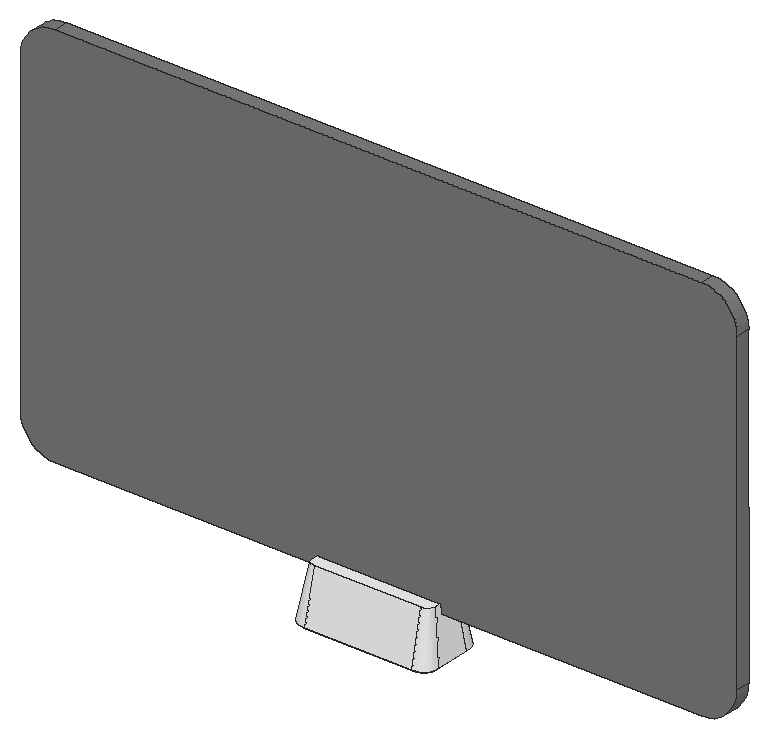
Revit family "Desk_Screens-Teknion-CQCTT_Knit_Mesh_Table_Screen-R2018", category Furniture, Revit 2018
Family settings
  OmniClass Number = 23.40.20.00
  OmniClass Title = General Furniture and Specialties
  Work Plane-Based = Yes
  Always vertical = Yes
  Cut with Voids When Loaded = No
  Shared = Yes
  Room Calculation Point = No
Parameters (values of type "47"h x 30"w")
  Warranty = "http://www.teknion.com/ca/papers/legal-canada"
  Unit Weight URL = "http://www.teknion.com/ca/tools/assets#&asset=bee6a381-b954-425e-8283-5a2de3a804f2,f828d448-4b62-4231-9e5f-9a8991c0ed77"
  URL = "www.teknion.com"
  Sustainability Data = "http://www.teknion.com/ca/tools/assets#&topic=216f99a5-57a0-44fc-b10a-9dee9b29ae4c&asset=444deb64-fe58-4b68-981e-f75e97781df7"
  Series = "Routes"  # constant formula
  Screen Upholstery [instance] = Mesh-StudioTK-K440-Knit Linx-Cool Grey (30" Width)
  Product Page URL = "https://www.teknion.com/ca/products/all-products"
  Product Line = "Routes"  # constant formula
  Product Documentation Link = "https://assets.teknion.com/m/72af4764f50e983c/original/Routes-Reference-Guide.pdf"
  Part Number = "CQCTT"  # constant formula
  Model = "CQCTT4730"
  Manufacturer Phone = "416-661-3370"  # constant formula
  Manufacturer Fax = "416.661.4586"  # constant formula
  Manufacturer Contact Information = "http://www.teknion.com/ca/contactus"
  Manufacturer Address = "1150 Flint Road, Toronto, ON. M3J 2J5. Canada"  # constant formula
  Manufacturer = "Teknion"  # constant formula
  Description = "Routes Knit Mesh Table Screen, 47\" h x 30\" w"
  Default Elevation = 48.000"
  Base Finish [instance] = Paint - Teknion - Mica - Very White
  Assembly Code = "E2020200"
Reference planes (in)
  plane 1 "Center Front/Back": y = 0
  plane 2: z = 0
  plane 3 "Center Left/Right": x = 0
  plane 4 "Left": x = -15
  plane 5 "Right": x = 15
  plane 6 "Back": y = 1.375
  plane 7 "Front": y = -1.375
  plane 8 "Top": z = 47
  plane 9 "Revolve Level 1": z = 3.35894
  plane 10: x = -13.5
  plane 11 "Revolve level 2": z = 16.60894
  plane 12: x = 13.5
  plane 13: z = 18.10894
  plane 14: z = 1.85894
  plane 15: z = 0.125
Forms (in)
  SweptBlend 1, solid, material "Paint - Teknion - Mica - Very White" <- "Base Finish"
    path origin (0.03125, 0, 0) x (1, 0, 0) y (0, 0, 1)
      loop
        line (-0.03125, 0.125) -> (-0.03125, 2.2235)
    profile origin (0, 0, 0.125) x (-1, 0, 0) y (0, -1, 0)
      loop
        spline (-2.87637, -0.74371) -> (-2.87199, -0.84454) -> (-2.85883, -0.9366) -> (-2.83691, -1.0199) -> (-2.80623, -1.09443) -> (-2.76677, -1.16019) -> (-2.71855, -1.21718) -> (-2.66156, -1.2654) -> (-2.5958, -1.30486) -> (-2.52127, -1.33554) -> (-2.43797, -1.35746) -> (-2.34591, -1.37062) -> (-2.24508, -1.375)
        line (-2.24508, -1.375) -> (2.24508, -1.375)
        spline (2.24508, -1.375) -> (2.34591, -1.37062) -> (2.43797, -1.35746) -> (2.52127, -1.33554) -> (2.5958, -1.30486) -> (2.66156, -1.2654) -> (2.71855, -1.21718) -> (2.76677, -1.16019) -> (2.80623, -1.09443) -> (2.83691, -1.0199) -> (2.85883, -0.9366) -> (2.87199, -0.84454) -> (2.87637, -0.74371)
        line (2.87637, -0.74371) -> (2.87637, 0.74371)
        spline (2.87637, 0.74371) -> (2.87199, 0.84454) -> (2.85883, 0.9366) -> (2.83691, 1.0199) -> (2.80623, 1.09443) -> (2.76677, 1.16019) -> (2.71855, 1.21718) -> (2.66156, 1.2654) -> (2.5958, 1.30486) -> (2.52127, 1.33554) -> (2.43797, 1.35746) -> (2.34591, 1.37062) -> (2.24508, 1.375)
        line (2.24508, 1.375) -> (-2.24508, 1.375)
        spline (-2.24508, 1.375) -> (-2.34591, 1.37062) -> (-2.43797, 1.35746) -> (-2.52127, 1.33554) -> (-2.5958, 1.30486) -> (-2.66156, 1.2654) -> (-2.71855, 1.21718) -> (-2.76677, 1.16019) -> (-2.80623, 1.09443) -> (-2.83691, 1.0199) -> (-2.85883, 0.9366) -> (-2.87199, 0.84454) -> (-2.87637, 0.74371)
        line (-2.87637, 0.74371) -> (-2.87637, -0.74371)
    end profile origin (0, 0, 2.2235) x (-1, 0, 0) y (0, -1, 0)
      loop
        spline (2.20906, -0.875) -> (2.26496, -0.87257) -> (2.316, -0.86528) -> (2.36218, -0.85312) -> (2.4035, -0.83611) -> (2.43996, -0.81424) -> (2.47156, -0.7875) -> (2.49829, -0.7559) -> (2.52017, -0.71944) -> (2.53718, -0.67812) -> (2.54933, -0.63194) -> (2.55662, -0.5809) -> (2.55906, -0.525)
        line (2.55906, -0.525) -> (2.55906, 0.525)
        spline (2.55906, 0.525) -> (2.55662, 0.5809) -> (2.54933, 0.63194) -> (2.53718, 0.67813) -> (2.52017, 0.71944) -> (2.49829, 0.7559) -> (2.47156, 0.7875) -> (2.43996, 0.81424) -> (2.4035, 0.83611) -> (2.36218, 0.85313) -> (2.316, 0.86528) -> (2.26496, 0.87257) -> (2.20906, 0.875)
        line (2.20906, 0.875) -> (-2.20906, 0.875)
        spline (-2.20906, 0.875) -> (-2.26496, 0.87257) -> (-2.316, 0.86528) -> (-2.36218, 0.85313) -> (-2.4035, 0.83611) -> (-2.43996, 0.81424) -> (-2.47156, 0.7875) -> (-2.49829, 0.7559) -> (-2.52017, 0.71944) -> (-2.53718, 0.67813) -> (-2.54933, 0.63194) -> (-2.55662, 0.5809) -> (-2.55906, 0.525)
        line (-2.55906, 0.525) -> (-2.55906, -0.525)
        spline (-2.55906, -0.525) -> (-2.55662, -0.5809) -> (-2.54933, -0.63194) -> (-2.53718, -0.67812) -> (-2.52017, -0.71944) -> (-2.49829, -0.7559) -> (-2.47156, -0.7875) -> (-2.43996, -0.81424) -> (-2.4035, -0.83611) -> (-2.36218, -0.85312) -> (-2.316, -0.86528) -> (-2.26496, -0.87257) -> (-2.20906, -0.875)
        line (-2.20906, -0.875) -> (2.20906, -0.875)
  Extrusion 2, solid, material "Paint - Teknion - Mica - Very White" <- "Base Finish"
    sketch origin (0, 0, 0) x (1, 0, 0) y (0, 1, 0)
      loop
        arc (-2.73622, -0.7874) -> (-2.60938, -1.09363) -> (-2.30315, -1.22047) r 0.43307
        line (-2.30315, -1.22047) -> (2.30315, -1.22047)
        arc (2.30315, -1.22047) -> (2.60938, -1.09363) -> (2.73622, -0.7874) r 0.43307
        line (2.73622, -0.7874) -> (2.73622, 0.7874)
        arc (2.73622, 0.7874) -> (2.60938, 1.09363) -> (2.30315, 1.22047) r 0.43307
        line (2.30315, 1.22047) -> (-2.30315, 1.22047)
        arc (-2.30315, 1.22047) -> (-2.60938, 1.09363) -> (-2.73622, 0.7874) r 0.43307
        line (-2.73622, 0.7874) -> (-2.73622, -0.7874)
    from 0 to 0.125
  Extrusion 3, solid, material "Mesh-StudioTK-K440-Knit Linx-Cool Grey (30" Width)"
    sketch origin (0, 0, 0) x (1, 0, 0) y (0, 0, 1)
      loop
        line (-15, 18.10894) -> (-15, 1.85894) -> (15, 1.85894) -> (15, 18.10894) -> (-15, 18.10894)
    from -0.28937 to 0.28937
  Extrusion 4, void
    sketch origin (-2.31432, 1.375, 0) x (1, 0, 0) y (0, 0, -1)
      loop
        line (-12.68568, -16.61408) -> (-12.68568, -18.10894) -> (-11.19082, -18.10894)
        arc (-11.19082, -18.10894) -> (-12.24784, -17.6711) -> (-12.68568, -16.61408) r 1.49485
    from -10.31698 to 12
  Extrusion 5, void
    sketch origin (2.31432, 1.375, 0) x (-1, 0, 0) y (0, 0, 1)
      loop
        arc (-12.68568, 16.61408) -> (-12.24784, 17.6711) -> (-11.19082, 18.10894) r 1.49485
        line (-11.19082, 18.10894) -> (-12.68568, 18.10894) -> (-12.68568, 16.61408)
    from -10.31698 to 12
  Extrusion 6, void
    sketch origin (-2.31432, 1.375, 19.96787) x (1, 0, 0) y (0, 0, -1)
      loop
        arc (-12.68568, 16.61408) -> (-12.24784, 17.6711) -> (-11.19082, 18.10894) r 1.49485
        line (-11.19082, 18.10894) -> (-12.68568, 18.10894) -> (-12.68568, 16.61408)
    from -10.31698 to 12
  Extrusion 7, void
    sketch origin (2.31432, 1.375, 19.96787) x (-1, 0, 0) y (0, 0, 1)
      loop
        line (-12.68568, -16.61408) -> (-12.68568, -18.10894) -> (-11.19082, -18.10894)
        arc (-11.19082, -18.10894) -> (-12.24784, -17.6711) -> (-12.68568, -16.61408) r 1.49485
    from -10.31698 to 12
  Extrusion 8, void
    sketch origin (0, 0, 0) x (0, 1, 0) y (0, 0, 1)
      loop
        line (0.28937, 2.2235) -> (-0.28937, 2.2235) -> (-0.28937, 1.85894) -> (0.28937, 1.85894) -> (0.28937, 2.2235)
    from -2.87637 to 2.55906
Cuts and joins
  Extrusion 8 cuts SweptBlend 1
  Extrusion 8 cuts Extrusion 2
  joined: SweptBlend 1, Extrusion 2
  Extrusion 4, Extrusion 5, Extrusion 6, Extrusion 7 cuts Extrusion 3
Lines and regions (in)
  Masking region 1
    outline origin (0, 0, 0) x (1, 0, 0) y (0, 1, 0)
      loop
        line (14.71063, 0.28937) -> (2.87637, 0.28937) -> (2.87637, 0.74371)
        spline (2.87637, 0.74371) -> (2.87199, 0.84454) -> (2.85883, 0.9366) -> (2.83691, 1.0199) -> (2.80623, 1.09443) -> (2.76677, 1.16019) -> (2.71855, 1.21718) -> (2.66156, 1.2654) -> (2.5958, 1.30486) -> (2.52127, 1.33554) -> (2.43797, 1.35746) -> (2.34591, 1.37062) -> (2.24508, 1.375)
        line (2.24508, 1.375) -> (-2.24508, 1.375)
        spline (-2.24508, 1.375) -> (-2.34591, 1.37062) -> (-2.43797, 1.35746) -> (-2.52127, 1.33554) -> (-2.5958, 1.30486) -> (-2.66156, 1.2654) -> (-2.71855, 1.21718) -> (-2.76677, 1.16019) -> (-2.80623, 1.09443) -> (-2.83691, 1.0199) -> (-2.85883, 0.9366) -> (-2.87199, 0.84454) -> (-2.87637, 0.74371)
        line (-2.87637, 0.74371) -> (-2.87637, 0.28937) -> (-14.71063, 0.28937)
        arc (-14.71063, 0.28937) -> (-15, 0) -> (-14.71063, -0.28937) r 0.28937
        line (-14.71063, -0.28937) -> (-2.87637, -0.28937) -> (-2.87637, -0.74371)
        spline (-2.87637, -0.74371) -> (-2.87199, -0.84454) -> (-2.85883, -0.9366) -> (-2.83691, -1.0199) -> (-2.80623, -1.09443) -> (-2.76677, -1.16019) -> (-2.71855, -1.21718) -> (-2.66156, -1.2654) -> (-2.5958, -1.30486) -> (-2.52127, -1.33554) -> (-2.43797, -1.35746) -> (-2.34591, -1.37062) -> (-2.24508, -1.375)
        line (-2.24508, -1.375) -> (2.24508, -1.375)
        spline (2.24508, -1.375) -> (2.34591, -1.37062) -> (2.43797, -1.35746) -> (2.52127, -1.33554) -> (2.5958, -1.30486) -> (2.66156, -1.2654) -> (2.71855, -1.21718) -> (2.76677, -1.16019) -> (2.80623, -1.09443) -> (2.83691, -1.0199) -> (2.85883, -0.9366) -> (2.87199, -0.84454) -> (2.87637, -0.74371)
        line (2.87637, -0.74371) -> (2.87637, -0.28937) -> (14.71063, -0.28937)
        arc (14.71063, -0.28937) -> (15, 0) -> (14.71063, 0.28937) r 0.28937
  symbolic lines
    curve 1: line (-2.55906, 0.525, 0) -> (-2.55906, 0.28937, 0)
    curve 2: line (-2.20906, 0.875, 0) -> (-2.55906, 0.525, 0)
    curve 3: line (2.20906, 0.875, 0) -> (-2.20906, 0.875, 0)
    curve 4: line (2.55906, 0.525, 0) -> (2.20906, 0.875, 0)
    curve 5: line (2.55906, 0.28937, 0) -> (2.55906, 0.525, 0)
    curve 6: line (2.55906, -0.525, 0) -> (2.55906, -0.28937, 0)
    curve 7: line (2.20906, -0.875, 0) -> (2.55906, -0.525, 0)
    curve 8: line (-2.20906, -0.875, 0) -> (2.20906, -0.875, 0)
    curve 9: line (-2.55906, -0.525, 0) -> (-2.20906, -0.875, 0)
    curve 10: line (-2.55906, -0.28937, 0) -> (-2.55906, -0.525, 0)
    curve 11: line (-2.87637, 0.28937, 0) -> (2.87637, 0.28937, 0)
    curve 12: line (2.87637, -0.28937, 0) -> (-2.87637, -0.28937, 0)
  symbolic lines, style "FurnitureHiddenLines", detail levels medium+fine
    curve 13: line (-14.71063, 0.28937, 0) -> (-13.5, 0.05906, 0)
    curve 14: line (-13.5, -0.05906, 0) -> (-14.71063, -0.28937, 0)
    curve 15: line (-13.5, -0.05906, 0) -> (13.5, -0.05906, 0)
    curve 16: line (13.5, 0.05906, 0) -> (-13.5, 0.05906, 0)
    curve 17: line (13.5, 0.05906, 0) -> (14.71063, 0.28937, 0)
    curve 18: line (14.71063, -0.28937, 0) -> (13.5, -0.05906, 0)
    curve 19: spline (2.57043, 0.28891, 0) -> (2.5817, 0.2798, 0) -> (2.59224, 0.25133, 0) -> (2.60129, 0.20549, 0) -> (2.60825, 0.14543, 0) -> (2.61263, 0.07532, 0) -> (2.61412, 0, 0) -> (2.61263, -0.07532, 0) -> (2.60825, -0.14543, 0) -> (2.60129, -0.20549, 0) -> (2.59224, -0.25133, 0) -> (2.5817, -0.2798, 0) -> (2.57043, -0.28891, 0)
    curve 20: line (2.87637, 0.28937, 0) -> (2.87637, -0.28937, 0)
    curve 21: line (-2.87637, 0.28937, 0) -> (-2.87637, -0.28937, 0)
    curve 22: spline (-2.57043, -0.28891, 0) -> (-2.5817, -0.2798, 0) -> (-2.59224, -0.25133, 0) -> (-2.60129, -0.20549, 0) -> (-2.60825, -0.14543, 0) -> (-2.61263, -0.07532, 0) -> (-2.61412, 0, 0) -> (-2.61263, 0.07532, 0) -> (-2.60825, 0.14543, 0) -> (-2.60129, 0.20549, 0) -> (-2.59224, 0.25133, 0) -> (-2.5817, 0.2798, 0) -> (-2.57043, 0.28891, 0)
  symbolic lines, style "FurnitureHiddenLines", detail levels fine
    curve 23: line (2.30315, 1.22047, 0) -> (-2.30315, 1.22047, 0)
    curve 24: line (-2.73622, 0.7874, 0) -> (-2.73622, -0.7874, 0)
    curve 25: line (-2.30315, -1.22047, 0) -> (2.30315, -1.22047, 0)
    curve 26: line (2.73622, -0.7874, 0) -> (2.73622, 0.7874, 0)
    curve 27: arc (2.73622, 0.7874, 0) -> (2.60938, 1.09363, 0) -> (2.30315, 1.22047, 0) r 0.43307
    curve 28: arc (-2.30315, 1.22047, 0) -> (-2.60938, 1.09363, 0) -> (-2.73622, 0.7874, 0) r 0.43307
    curve 29: arc (-2.73622, -0.7874, 0) -> (-2.60938, -1.09363, 0) -> (-2.30315, -1.22047, 0) r 0.43307
    curve 30: arc (2.30315, -1.22047, 0) -> (2.60938, -1.09363, 0) -> (2.73622, -0.7874, 0) r 0.43307
  model lines
    curve 31: line (-13.57416, -0.28937, 17.26844) -> (13.57416, -0.28937, 17.26844)
    curve 32: line (14.15922, -0.28937, 16.67983) -> (14.15922, -0.28937, 3.61588)
    curve 33: line (13.57416, -0.28937, 3.02727) -> (-13.57416, -0.28937, 3.02727)
    curve 34: line (-14.15656, -0.28937, 3.58978) -> (-14.15656, -0.28937, 16.70594)
    curve 35: arc (-13.57416, -0.28937, 17.26844) -> (-13.96496, -0.28937, 17.09031) -> (-14.15656, -0.28937, 16.70594) r 0.64331
    curve 36: arc (-13.57416, -0.28937, 3.02727) -> (-13.96496, -0.28937, 3.20541) -> (-14.15656, -0.28937, 3.58978) r 0.64331
    curve 37: arc (13.57416, -0.28937, 3.02727) -> (13.9743, -0.28937, 3.21462) -> (14.15922, -0.28937, 3.61588) r 0.64331
    curve 38: arc (13.57416, -0.28937, 17.26844) -> (13.9743, -0.28937, 17.0811) -> (14.15922, -0.28937, 16.67983) r 0.64331
    curve 39: line (-13.57416, 0.28937, 17.26844) -> (13.57416, 0.28937, 17.26844)
    curve 40: line (14.15922, 0.28937, 16.67983) -> (14.15922, 0.28937, 3.61588)
    curve 41: line (13.57416, 0.28937, 3.02727) -> (-13.57416, 0.28937, 3.02727)
    curve 42: line (-14.15656, 0.28937, 3.58978) -> (-14.15656, 0.28937, 16.70594)
    curve 43: arc (-13.57416, 0.28937, 17.26844) -> (-13.96496, 0.28937, 17.09031) -> (-14.15656, 0.28937, 16.70594) r 0.64331
    curve 44: arc (-13.57416, 0.28937, 3.02727) -> (-13.96496, 0.28937, 3.20541) -> (-14.15656, 0.28937, 3.58978) r 0.64331
    curve 45: arc (13.57416, 0.28937, 3.02727) -> (13.9743, 0.28937, 3.21462) -> (14.15922, 0.28937, 3.61588) r 0.64331
    curve 46: arc (13.57416, 0.28937, 17.26844) -> (13.9743, 0.28937, 17.0811) -> (14.15922, 0.28937, 16.67983) r 0.64331
Dimensions and locks (in)
  plane 4 "Left" to plane 5 "Right" = 30.000"
  locked: plane 6 "Back" to plane 7 "Front" at 2.75
  plane 8 "Top" to level = 47.000"
  SweptBlend 1 sketch curve to profile plane to SweptBlend 1 sketch curve = 2.87637" locked, 2.87637" locked
  SweptBlend 1 sketch curve to profile plane to SweptBlend 1 sketch curve = 1.375" locked, 1.375" locked
  SweptBlend 1 sketch curve to profile plane to SweptBlend 1 sketch curve = 2.55906" locked, 2.55906" locked
  SweptBlend 1 sketch curve to profile plane to SweptBlend 1 sketch curve = 0.875" locked, 0.875" locked
  plane 10 to plane 12 = 27.000"
  equal spacing: plane 10, plane 3 "Center Left/Right", plane 12
  plane 13 to plane 11 "Revolve level 2" to plane 9 "Revolve Level 1" to plane 14 to plane 15 to level = 1.500" locked, 13.250" locked, 1.500" locked, 1.73394" locked, 0.125" locked
  equal spacing: plane 4 "Left", plane 3 "Center Left/Right", plane 5 "Right"
  SweptBlend 1 sketch curve to SweptBlend 1 sketch curve to level = 2.0985" locked, 0.125" locked
  equal spacing: Extrusion 2 sketch curve, plane 1 "Center Front/Back", Extrusion 2 sketch curve
  locked: Extrusion 2 sketch curve to Extrusion 2 sketch curve at 5.47244
  locked: Extrusion 2 sketch curve to Extrusion 2 sketch curve at 2.44094
  equal spacing: Extrusion 2 sketch curve, plane 3 "Center Left/Right", Extrusion 2 sketch curve
  equal spacing: plane 6 "Back", plane 1 "Center Front/Back", plane 7 "Front"
  locked: Masking region 1 sketch curve to Masking region 1 sketch curve at 0.89278  (x4)
  locked: curve 2 to curve 3 at 0.49497
  locked: curve 4 to curve 5 at 0.49497
  locked: curve 10 to curve 9 at 0.49497
  locked: curve 8 to curve 7 at 0.49497
  plane 13 to plane 14 = 16.250"
  locked: curve 34 to plane 4 "Left" at 0.84344
  plane 13 to curve 31 = 0.8405"
  locked: curve 32 to plane 5 "Right" at 0.84078
  locked: curve 33 to plane 14 at 1.16834
  locked: curve 35 to plane 4 "Left" at 1.48196
  locked: curve 38 to plane 5 "Right" at 1.48196
  locked: curve 37 to plane 5 "Right" at 1.48196
  locked: curve 36 to plane 4 "Left" at 1.48196
  locked: plane 5 "Right" to curve 40 at 0.84078
  locked: curve 39 to plane 13 at 0.8405
  locked: curve 42 to plane 4 "Left" at 0.84344
  locked: plane 14 to curve 41 at 1.16834
  locked: curve 46 to plane 5 "Right" at 1.48196
  locked: curve 43 to plane 4 "Left" at 1.48196
  locked: curve 44 to plane 4 "Left" at 1.48196
  locked: curve 45 to plane 5 "Right" at 1.48196
  locked: Extrusion 4 sketch curve to plane 4 "Left" at 1.49485
  locked: Extrusion 6 sketch curve to plane 4 "Left" at 1.49485
  locked: Extrusion 7 sketch curve to plane 5 "Right" at 1.49485
  locked: Extrusion 5 sketch curve to plane 5 "Right" at 1.49485
  aligned and locked: level to plane 2
  aligned and locked: plane 3 "Center Left/Right" to SweptBlend 1 sketch curve
  aligned and locked: Extrusion 2 to level
  aligned and locked: Extrusion 2 to cut or joined group of SweptBlend 1, Extrusion 2, Extrusion 8
  aligned and locked: Masking region 1 sketch curve to plane 6 "Back"
  aligned and locked: Masking region 1 sketch curve to Masking region 1 sketch curve  (x2)
  aligned and locked: cut or joined group of SweptBlend 1, Extrusion 2, Extrusion 8 to Masking region 1 sketch curve  (x2)
  aligned and locked: Masking region 1 sketch curve to plane 7 "Front"
  aligned and locked: cut or joined group of SweptBlend 1, Extrusion 2, Extrusion 8 to curve 3
  aligned and locked: curve 8 to cut or joined group of SweptBlend 1, Extrusion 2, Extrusion 8
  aligned and locked: curve 20 to Masking region 1
  aligned and locked: Masking region 1 to curve 21
  aligned and locked: curve 27 to cut or joined group of SweptBlend 1, Extrusion 2, Extrusion 8
  aligned and locked: curve 28 to cut or joined group of SweptBlend 1, Extrusion 2, Extrusion 8
  aligned and locked: curve 29 to cut or joined group of SweptBlend 1, Extrusion 2, Extrusion 8
  aligned and locked: curve 30 to cut or joined group of SweptBlend 1, Extrusion 2, Extrusion 8
  aligned and locked: plane 13 to Extrusion 3 sketch curve
  aligned and locked: plane 4 "Left" to Extrusion 3 sketch curve
  aligned and locked: Extrusion 3 sketch curve to plane 14
  aligned and locked: plane 5 "Right" to Extrusion 3 sketch curve
  aligned and locked: Extrusion 4 sketch curve to plane 4 "Left"
  aligned and locked: Extrusion 4 sketch curve to plane 13
  aligned and locked: plane 4 "Left" to Extrusion 6 sketch curve
  aligned and locked: Extrusion 6 sketch curve to plane 14
  aligned and locked: plane 14 to Extrusion 7 sketch curve
  aligned and locked: Extrusion 7 sketch curve to plane 5 "Right"
  aligned and locked: plane 13 to Extrusion 5 sketch curve
  aligned and locked: plane 5 "Right" to Extrusion 5 sketch curve
  aligned and locked: cut or joined group of SweptBlend 1, Extrusion 2, Extrusion 8 to Extrusion 8 sketch curve
  aligned and locked: Extrusion 8 to SweptBlend 1
  aligned and locked: SweptBlend 1 to Extrusion 8
Automatic sketch dimensions
  Extrusion 4 sketch curve to plane 4 "Left" = 0.000"
  Extrusion 4 sketch curve to Extrusion 4 sketch curve = 0.000"
  plane 5 "Right" to Extrusion 5 sketch curve = 0.000"
  Extrusion 5 sketch curve to Extrusion 5 sketch curve = 0.000"
  Extrusion 6 sketch curve to plane 4 "Left" = 0.000"
  Extrusion 6 sketch curve to Extrusion 6 sketch curve = 0.000"
  plane 5 "Right" to Extrusion 7 sketch curve = 0.000"
  Extrusion 7 sketch curve to Extrusion 7 sketch curve = 0.000"
  curve 33 to curve 32 = 0.58506"
  curve 33 to curve 34 = 0.56251"
  curve 34 to curve 31 = 0.56251"
  curve 31 to curve 32 = 0.58506"
  curve 32 to curve 31 = 0.58861"
  curve 34 to curve 36 = 0.07835"
  curve 32 to curve 37 = 0.05225"
  curve 31 to curve 35 = 0.05612"
  curve 14 to plane 10 = 0.000"
  curve 13 to plane 10 = 0.000"
  plane 1 "Center Front/Back" to curve 22 = 0.000"
  plane 1 "Center Front/Back" to curve 19 = 0.000"
  curve 16 to plane 12 = 0.000"
  curve 15 to plane 12 = 0.000"
  curve 29 to curve 10 = 0.17717"
  curve 2 to plane 1 "Center Front/Back" = 0.525"
  curve 28 to curve 2 = 0.17717"
  curve 29 to curve 9 = 0.09409"
  curve 8 to curve 30 = 0.09409"
  curve 4 to curve 27 = 0.09409"
  curve 6 to curve 26 = 0.17717"
  curve 4 to plane 1 "Center Front/Back" = 0.525"
  plane 1 "Center Front/Back" to curve 21 = 0.28937"
  plane 1 "Center Front/Back" to curve 15 = 0.05906"
  curve 16 to plane 1 "Center Front/Back" = 0.05906"
  curve 11 to plane 1 "Center Front/Back" = 0.28937"
  plane 4 "Left" to curve 14 = 0.28937"
  plane 4 "Left" to curve 13 = 0.28937"
  curve 22 to curve 10 = 0.01187"
  curve 22 to curve 1 = 0.01137"
  curve 22 to curve 22 = 0.0005"
  curve 5 to curve 19 = 0.01137"
  curve 6 to curve 19 = 0.01137"
  curve 19 to curve 19 = 0.0005"
  plane 5 "Right" to curve 18 = 0.28937"
  plane 5 "Right" to curve 17 = 0.28937"
  plane 1 "Center Front/Back" to curve 18 = 0.28937"
  plane 1 "Center Front/Back" to curve 14 = 0.28937"
  curve 10 to curve 22 = 0.00044"
  curve 6 to curve 19 = 0.00046"
  curve 22 to curve 22 = 0.00002"
  curve 19 to curve 19 = 0.00002"
  curve 13 to plane 1 "Center Front/Back" = 0.28937"
  curve 17 to plane 1 "Center Front/Back" = 0.28937"
  SweptBlend 1 sketch curve to plane 3 "Center Left/Right" = 0.000"
  SweptBlend 1 sketch curve to SweptBlend 1 sketch curve = 0.63129"  (x4)
  SweptBlend 1 sketch curve to plane 1 "Center Front/Back" = 0.74371"  (x2)
  plane 1 "Center Front/Back" to SweptBlend 1 sketch curve = 0.74371"  (x2)
  SweptBlend 1 sketch curve to SweptBlend 1 sketch curve = 0.350"  (x8)
  Extrusion 2 sketch curve to Extrusion 2 sketch curve = 0.43307"  (x4)
  plane 1 "Center Front/Back" to Masking region 1 sketch curve = 0.000"  (x2)
  plane 4 "Left" to Masking region 1 sketch curve = 0.28937"
  Masking region 1 sketch curve to Masking region 1 sketch curve = 0.63129"  (x4)
  plane 5 "Right" to Masking region 1 sketch curve = 0.28937"
  Masking region 1 sketch curve to Masking region 1 sketch curve = 0.28937"
  plane 1 "Center Front/Back" to Masking region 1 sketch curve = 0.28937"
  curve 40 to curve 39 = 0.58861"
  curve 41 to curve 40 = 0.58506"
  curve 41 to curve 42 = 0.56251"
  curve 42 to curve 39 = 0.56251"
  curve 43 to curve 42 = 0.07835"
  curve 41 to curve 44 = 0.64085"
  curve 40 to curve 45 = 0.05225"
  curve 46 to curve 39 = 0.64085"
  plane 14 to Extrusion 8 sketch curve = 0.000"
  plane 1 "Center Front/Back" to Extrusion 8 sketch curve = 0.28937"
  Extrusion 8 sketch curve to plane 1 "Center Front/Back" = 0.28937"
